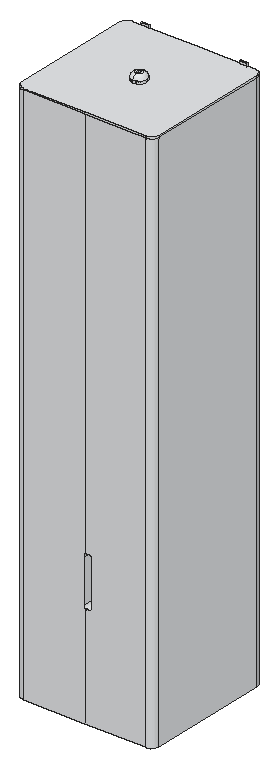
Revit family "Silver Glass Paper Dispenser With Level Window_IN", category Generic Models, Revit 2017
Family settings
  Can host rebar = No
  Round Connector Dimension = Use Diameter
  Part Type = Normal
  Work Plane-Based = No
  Always vertical = Yes
  Cut with Voids When Loaded = No
  Shared = No
  Room Calculation Point = No
Parameters
  Website = "https://dolphy.in/"  # constant formula
  M&L = Dolphy_CHROME
  Contact number = "+91 9520202035"  # constant formula
  Contact email = "info@dolphy.in"  # constant formula
  Company name = "Dolphy India"  # constant formula
Reference planes
  plane 1 "Center (Front/Back)": y = 0
  plane 2: z = 0
  plane 3 "Center (Left/Right)": x = 0
Forms (mm)
  Extrusion 1, solid, material "Dolphy_CHROME" <- "M&L"
    sketch origin (0, 0, 0) x (1, 0, 0) y (0, 1, 0)
      loop
        line (0, 0) -> (-40, 0)
        arc (-40, 0) -> (-43.536, -1.464) -> (-45, -5) r 5
        line (-45, -5) -> (-45, -85)
        arc (-45, -85) -> (-43.536, -88.536) -> (-40, -90) r 5
        line (-40, -90) -> (0, -90) -> (40, -90)
        arc (40, -90) -> (43.536, -88.536) -> (45, -85) r 5
        line (45, -85) -> (45, -5)
        arc (45, -5) -> (43.536, -1.464) -> (40, 0) r 5
        line (40, 0) -> (0, 0)
    from 0 to 359
  Extrusion 2, void
    sketch origin (0, 0, 0) x (1, 0, 0) y (0, 1, 0)
      loop
        circle (0, -45) r 40
    from 0 to 307.613
  Extrusion 3, solid, material "Dolphy_CHROME" <- "M&L"
    sketch origin (0, 0, 359) x (1, 0, 0) y (0, 1, 0)
      loop
        line (-45, -5) -> (-45, -85)
        arc (-45, -85) -> (-43.536, -88.536) -> (-40, -90) r 5
        line (-40, -90) -> (0, -90) -> (40, -90)
        arc (40, -90) -> (43.536, -88.536) -> (45, -85) r 5
        line (45, -85) -> (45, -5)
        arc (45, -5) -> (43.536, -1.464) -> (40, 0) r 5
        line (40, 0) -> (0, 0) -> (-40, 0)
        arc (-40, 0) -> (-43.536, -1.464) -> (-45, -5) r 5
    from 0 to 1
  Extrusion 4, void
    sketch origin (110, -90, 0) x (1, 0, 0) y (0, 0, -1)
      loop
        line (-110.076, -70) -> (-110.076, -98.219)
        arc (-110.076, -98.219) -> (-107.503, -100.792) -> (-104.93, -98.219) r 2.573
        line (-104.93, -98.219) -> (-104.93, -70)
        arc (-104.93, -70) -> (-107.503, -67.427) -> (-110.076, -70) r 2.573
    from 0 to 10.351
  Extrusion 5, solid, material "Dolphy_CHROME" <- "M&L"
    sketch origin (0, 0, 0) x (1, 0, 0) y (0, 0, -1)
      loop
        line (34.847, -361.23) -> (34.847, -357.39) -> (29.847, -357.39) -> (29.847, -361.23) -> (34.847, -361.23)
      loop
        line (-34.847, -361.23) -> (-29.847, -361.23) -> (-29.847, -357.39) -> (-34.847, -357.39) -> (-34.847, -361.23)
    from 0 to 1
  Extrusion 6, void
    sketch origin (0, 0, 0) x (1, 0, 0) y (0, 0, 1)
      loop
        arc (-0.589, 296.379) -> (0, 293.5) -> (0.589, 296.379) r 1.5
        line (0.589, 296.379) -> (0.589, 298.81)
        arc (0.589, 298.81) -> (0, 299.399) -> (-0.589, 298.81) r 0.589
        line (-0.589, 298.81) -> (-0.589, 296.379)
      loop
        arc (22.929, 72.612) -> (23.519, 69.733) -> (24.108, 72.612) r 1.5
        line (24.108, 72.612) -> (24.108, 75.042)
        arc (24.108, 75.042) -> (23.519, 75.632) -> (22.929, 75.042) r 0.589
        line (22.929, 75.042) -> (22.929, 72.612)
      loop
        line (-23.082, 72.612) -> (-23.082, 75.042)
        arc (-23.082, 75.042) -> (-23.672, 75.632) -> (-24.261, 75.042) r 0.589
        line (-24.261, 75.042) -> (-24.261, 72.612)
        arc (-24.261, 72.612) -> (-23.672, 69.733) -> (-23.082, 72.612) r 1.5
    from 0 to 2.548
  Extrusion 7, solid, material "Dolphy_CHROME" <- "M&L"
    sketch origin (-0.259, -1.035, 360) x (1, 0, 0) y (0, 1, 0)
      loop
        circle (0.329, -43.991) r 5
    from 0 to 4.066
  Revolve 8, void
    sketch origin (0, 0, 0) x (0, 1, 0) y (0, 0, 1)
      loop
        line (-47.619, 364.066) -> (-50.209, 364.066) -> (-50.525, 360.457)
        spline (-50.525, 360.457) -> (-50.26, 360.859) -> (-50.048, 361.226) -> (-49.876, 361.562) -> (-49.73, 361.871) -> (-49.599, 362.157) -> (-49.468, 362.425) -> (-49.321, 362.681) -> (-49.138, 362.932) -> (-48.897, 363.188) -> (-48.577, 363.457) -> (-48.158, 363.747) -> (-47.619, 364.066)
      axis (-45.025, 360.457) -> (-45.025, 364.066)
    angle from 0 to 360
  Extrusion 9, void
    sketch origin (-0.259, -1.035, 364.066) x (0, 1, 0) y (1, 0, 0)
      loop
        line (-43.45, -0.962) -> (-42.728, -0.24) -> (-42.728, 0.781) -> (-43.45, 1.503) -> (-44.471, 1.503) -> (-45.193, 0.781) -> (-45.193, -0.24) -> (-44.471, -0.962) -> (-43.45, -0.962)
    from 0 to 2.5
Cuts and joins
  Extrusion 2, Extrusion 4, Extrusion 6, Extrusion 9 cuts Extrusion 1
  Extrusion 6, Extrusion 9 cuts Extrusion 5
  joined: Extrusion 1, Extrusion 5
  Revolve 8, Extrusion 9 cuts Extrusion 3
  Revolve 8, Extrusion 9 cuts Extrusion 7
Dimensions and locks
  Extrusion 1 sketch curve to Extrusion 1 sketch curve = 90.00 mm  (x2)
  Extrusion 3 to cut or joined group of Extrusion 1, Extrusion 2, Extrusion 4, Extrusion 5, Extrusion 6, Extrusion 9 = 360.00 mm
  Extrusion 3 to Extrusion 3 = 90.00 mm  (x2)
  aligned and locked: level to plane 2
